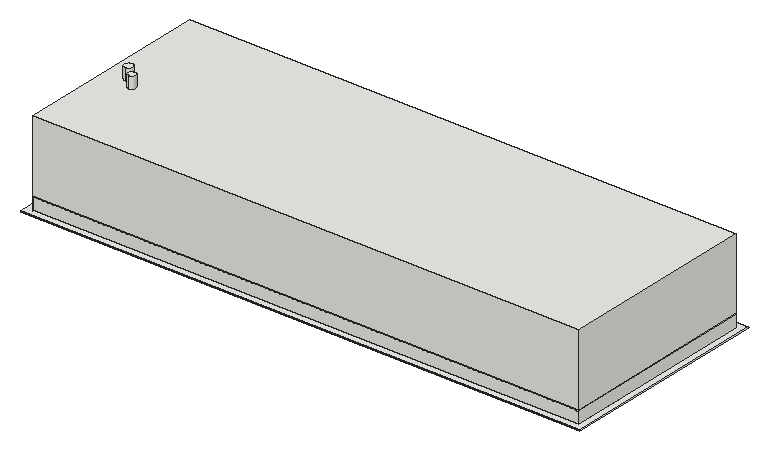
Revit family "AIRTECNICS_AIR CURTAIN_RECESSED WINDBOX_MG_DX-VRF_(TOSHIBA)_00", category Mechanical Equipment, Revit 2016
Family settings
  Part Type = Normal
  Round Connector Dimension = Use Diameter
  OmniClass Number = 23.75.70.21.17
  OmniClass Title = Air Curtains
  Work Plane-Based = No
  Always vertical = Yes
  Cut with Voids When Loaded = No
  Shared = No
  Room Calculation Point = No
Parameters (values of type "WINDBOX RECM 2000 DX16-TO")
  · PIPES POSITION · [instance] = "-/ Select Pipes Position /-"  # constant formula
  · OTHERS · [instance] = "-/ Select Supports - Inst.Maint. Space /-"  # constant formula
  · HEATING · = "-/ Heating /-"  # constant formula
  · EXTERNAL UNIT · [instance] = "-/ External Unit Type /-"  # constant formula
  · COIL ROWS · = "-/ DX Coil Rows /-"  # constant formula
  Weight [instance] = size_lookup(Name_Lookup_Data, "Weight", 1.00 kg, CM, CT, CH, CR, CDX)  # 122.00 kg
  Voltage [instance] = 230 V  # constant formula
  URL_Manufacturer = "https://www.airtecnics.com"
  URL_Datasheet = "https://www.airtecnics.com/download/file/5900/recessed-windbox-dx-toshiba-1-1-and-vrf.pdf"
  Triple Phase (External Ut.) [instance] = yes
  Supports Length [instance] = 500.0 mm
  Supports (Horizontal) [instance] = no
  Single Phase (External Ut.) [instance] = not([Triple Phase (External Ut.)])  # no
  Revit Version = "Revit 2016 - English"  # constant formula
  Review Date = "11/18"  # constant formula
  Remote Control = "-"  # constant formula
  Refrigerant Pipes_P4 [instance] = no
  Refrigerant Pipes_P3 [instance] = no
  Refrigerant Pipes_P2 [instance] = if(CW = 0, 1 = 1, 1 = 0)  # yes
  Refrigerant Pipes_P1 [instance] = no
  Product Size = if(CT = 2, "1000", if(CT = 4, "1500", if(CT = 8, "2000", if(CT = 16, "2500", if(CT = 32, "3000", "Consult Manufacturer")))))  # "2000"
  Product Reference [instance] = size_lookup(Name_Lookup_Ref, "", "Consult Manufacturer", CM, CT, CH, CR, CDX)  # "RECM 2000 DX16-TO"
  Product Heating [instance] = if(DX 1:1, "Direct Expansion 1:1 system", "Direct Expansion VRF system")  # "Direct Expansion 1:1 system"
  Product Description [instance] = size_lookup(Name_Lookup_Data, "", "Consult Manufacturer", CM, CT, CH, CR, CDX)  # "Energy saving heat pump air curtain: Up to 70% reduction in costs and CO2 emissions (heating mode).\r\nSelf-supporting casing construction made of galvanized steel plate, ready to be installed recessed in a false ceiling. \r\nInlet grille (free of maintenance) made with aluminium profiles and blow-out nozzle, integrated in a single white frame colour RAL 9016. Other colours are available on request.  Internal prefilter included.\r\nAnodized aluminium outlet vanes, airfoil shaped, adjustable in both directions.\r\nDouble-inlet centrifugal fans driven by an external rotor motor and low noise level. 5-speed selector. EC models assembled with very low consumption efficiency fans. \r\nIncludes only heating direct expansion coil with installed temperature sensors. Under request it can be modified to work in cooling and heating mode (not recomended) with optional condensate water pump.\r\nPlug&Play control panel CS-5DX-NE slave DX with 5 speeds selector and 7m telephone cable included.\r\nReady to connect to TOSHIBA Inverter outdoor heat pump unit (R410A) with expansion valve, not included, the customer should purchase it.\r\nRequires TOSHIBA DX Interface KIT adapted for air curtain RAV-DXC010 and RBC-AMT32-E programmable control, please consult.\r\nAir Volume: 3280 m3/h \r\nFans:  0,284 kW  2,48 A 230Vx1 50/60Hz\r\nHeating capacity: 16,00 kW\r\nDimensions: 770x310x2050 mm (depth, height, length)\r\nNOT SUPPLIED BY AIRTÈCNICS:\r\nRAV-DXC010 Interface DX kit and RBC-AMT32-E programmable control.\r\nExternal unit:\r\nOption 1: RAV-SM1603AT-E\r\nExternal unit with direct expansion valve Toshiba, single phase motor 230Vx1 50Hz.\r\nHeating capacity 16kW. Heating power: 4,43kW. COP 3,61.\r\nCooling capacity 14kW. Cooling power 4,49kW. EER 3,12.\r\nCooling circuits 5/8\" - 3/8\".\r\nMinimum length 5m.\r\nMaximum length 50m.\r\nDesnivell màxim 30m.\r\nOption 2: RAV-SP1604AT8-E\r\nExternal unit with direct expansion valve Toshiba, triple phase motor 400Vx3 50Hz.\r\nHeating capacity 16kW. Heating power: 4,3kW. COP 3,72.\r\nCooling capacity 14kW. Cooling power 4,49kW. EER 3,12.\r\nCooling circuits 5/8\" - 3/8\".\r\nMinimum length 3m.\r\nMaximum length 75m.\r\nDesnivell màxim 30m."
  Power Fans Factor [instance] = size_lookup(Name_Lookup_Data, "Power Fans Factor", 1, CM, CT, CH, CR, CDX)  # 0.5
  Power Fans [instance] = size_lookup(Name_Lookup_Data, "Power Fans", 1 kW, CM, CT, CH, CR, CDX)  # 0.284 kW
  Noise Level (dB(A)) [instance] = size_lookup(Name_Lookup_Data, "Noise Level (dB(A))", 1, CM, CT, CH, CR, CDX)  # 58
  Name_Lookup_Ref_EU = "R_WINDBOX_MG_(DX)_TO_Ref_EU_Lookup"  # constant formula
  Name_Lookup_Ref = "R_WINDBOX_MG_(DX)_TO_Ref_Lookup"  # constant formula
  Name_Lookup_Data3 = "R_WINDBOX_MG_(DX)_TO_ExpValve_Lookup"  # constant formula
  Name_Lookup_Data2 = "R_WINDBOX_MG_(DX)_TO_Mainfolds_Lookup"  # constant formula
  Name_Lookup_Data = "R_WINDBOX_MG_(DX)_TO_Data_Lookup"  # constant formula
  Material Inlet Grille [instance] = AIRTECNICS_White RAL 9016
  Material Curtain [instance] = AIRTECNICS_White RAL 9016
  Mainfolds [instance] = size_lookup(Name_Lookup_Data2, "", "Consult Manufacturer", CM, CT, CH, CR, CDX)  # "5/8 & 3/8"
  M = yes
  Length = if(CT = 2, 1050.0 mm, if(CT = 4, 1550.0 mm, if(CT = 8, 2050.0 mm, if(CT = 16, 2550.0 mm, L + 50.0 mm))))  # 2050.0 mm
  IfcExportType = "DXCOOLINGCOIL"  # constant formula
  IfcExportAs = "IfcCoilType"  # constant formula
  Height = 310.0 mm  # constant formula
  Heating Capacity [instance] = size_lookup(Name_Lookup_Data, "Heating Capacity", 1 kW, CM, CT, CH, CR, CDX)  # 16 kW
  Gas Coil Volume [instance] = size_lookup(Name_Lookup_Data, "Gas Coil Volume", 1.00 L, CM, CT, CH, CR, CDX)  # 3.10 L
  G = no
  Frequency = 50 Hz  # constant formula
  Fans Stage = 5  # constant formula
  Family Version = "1.0"  # constant formula
  External Ut. Reference [instance] = size_lookup(Name_Lookup_Ref_EU, "", "Consult Manufacturer", CM, CT, CH, CR, CEU, CDX)  # "RAV-SP1604AT8-E"
  Expansion Valve [instance] = size_lookup(Name_Lookup_Data3, "", "Consult Manufacturer", CM, CT, CH, CR, CDX)  # "Included on External Unit"
  EC = yes
  Dn_Metric_Refrig_Liquid [instance] = size_lookup(Name_Lookup_Data2, "Dn_Liquid", 1 mm, CM, CT, CH, CR, CDX)  # 10 mm
  Dn_Metric_Refrig_Gas [instance] = size_lookup(Name_Lookup_Data2, "Dn_Gas", 1 mm, CM, CT, CH, CR, CDX)  # 16 mm
  Depth = 770.0 mm  # constant formula
  DX VRF = not(DX 1:1)  # no
  DX Kit [instance] = if(DX VRF, "MM-DXC010", "RAV-DXC010")  # "RAV-DXC010"
  DX Controller [instance] = "RBC-AMT32-E"  # constant formula
  DX Coil Rows = 4 = no
  DX Coil Rows = 3 = not([DX Coil Rows = 4])  # yes
  DX Coil Rows [instance] = if(CR = 2, 4, if(CR = 4, 3, if(CR = 0, 2, 0)))  # 3
  DX 1:1 = yes
  Current Fans [instance] = size_lookup(Name_Lookup_Data, "Current Fans", 1 A, CM, CT, CH, CR, CDX)  # 2.48 A
  Created by = "BIMETRICAL"  # constant formula
  Control [instance] = "CS-5DX-NE"  # constant formula
  Capacity_Frig_Liquid [instance] = 0 m³/h
  Capacity_Frig_Gas [instance] = 0 m³/h
  Cable = "CB7"  # constant formula
  URL = "https://www.airtecnics.com/products/heat-pump-air-curtain-recessed-windbox-for-toshiba"
  Model = "Air Curtain Recessed Windbox M,G DX/VRF TO"  # constant formula
  L = 2000.0 mm
  Type Image = <None>
  Manufacturer = "AIRTECNICS"  # constant formula
  Description = ""
  Type Comments = "Energy saving heat pump air curtain: Up to 70% reduction in costs and CO2 emissions (heating mode).\r\nSelf-supporting casing construction made of galvanized steel plate, ready to be installed recessed in a false ceiling. \r\nInlet grille (free of maintenance) made with aluminium profiles and blow-out nozzle, integrated in a single white frame colour RAL 9016. Other colours are available on request.  Internal prefilter included.\r\nAnodized aluminium outlet vanes, airfoil shaped, adjustable in both directions.\r\nDouble-inlet centrifugal fans driven by an external rotor motor and low noise level. 5-speed selector. EC models assembled with very low consumption efficiency fans. \r\nIncludes only heating direct expansion coil with installed temperature sensors. Under request it can be modified to work in cooling and heating mode (not recomended) with optional condensate water pump.\r\nPlug&Play control panel CS-5DX-NE slave DX with 5 speeds selector and 7m telephone cable included.\r\nDX 1:1:\r\nReady to connect to TOSHIBA Inverter outdoor heat pump unit (R410A) with expansion valve, not included, the customer should purchase it.\r\nRequires TOSHIBA DX Interface KIT adapted for air curtain  and  programmable control, please consult.\r\nDX VRF:\r\nReady to connect to TOSHIBA VRF outdoor heat pump unit (R410A), not included, the customer should purchase it.\r\nRequires  TOSHIBA VRF Interface KIT adapted for air curtain,  programmable control and expansion valve, please consult."  # constant formula
  CW [instance] = if(Refrigerant Pipes_P1, 2, 0) + if(Refrigerant Pipes_P3, 4, 0) + if(Refrigerant Pipes_P4, 8, 0)  # 0
  CT = if(L = 1000.0 mm, 2, 0) + if(L = 1500.0 mm, 4, 0) + if(L = 2000.0 mm, 8, 0) + if(L = 2500.0 mm, 16, 0) + if(L = 3000.0 mm, 32, 0)  # 8
  CR [instance] = if([DX Coil Rows = 4], 2, 0) + if([DX Coil Rows = 3], 4, 0)  # 4
  CM = if(M, 2, 0) + if(EC, 4, 0) + if(G, 8, 0)  # 6
  CH [instance] = if(DX 1:1, 2, 0) + if(DX VRF, 4, 0)  # 2
  CEU [instance] = if([Single Phase (External Ut.)], 2, 0) + if([Triple Phase (External Ut.)], 4, 0)  # 4
  CDX = 0
  BIMETRICAL Category = "Coil"  # constant formula
  BIMETRICAL = "http://www.bimetrical.com/"  # constant formula
  Aspiration/Maintenance Space [instance] = no
  Apparent Load [instance] = size_lookup(Name_Lookup_Data, "Apparent Load", 1 VA, CM, CT, CH, CR, CDX)  # 568 VA
  Airflow [instance] = size_lookup(Name_Lookup_Data, "Airflow", 1 m³/h, CM, CT, CH, CR, CDX)  # 3280 m³/h
Reference planes
  plane 1 "Centro (Frontal/Posterior)": z = 0
  plane 2: y = 246.57
  plane 3 "Centro (Izquierda/Derecha)": x = 0
Nested families
  nested 1: "GEOM_WINDBOX_P_RECESSED_DX" at (0, 130, 48), L <- "L", ViHS <- "Supports (Horizontal)", Support Length <- "Supports Length", Aspiration/Maintenance Space <- "Aspiration/Maintenance Space", CW <- "CW", Material Curtain <- "Material Curtain", Material Inlet Grille <- "Material Inlet Grille", type "Air curtain Recessed Windbox DX"
    with ViHSC no, ViHS no, Vi2 no, Vi1 yes, TI 9, Support Length 500.0 mm, Position Water pipes OUT connection "--------------------------------", Position Water pipes IN connection "--------------------------------", Material Inlet Grille AIRTECNICS_White RAL 9016, Material Curtain AIRTECNICS_White RAL 9016, LiS 760.0 mm, Li9 114.0 mm, Li8 0.0 mm, Li7 52.0 mm, Li6 720.0 mm, Li16 10.0 mm, Li15 10.0 mm, Li14 260.0 mm, Li13 76.0 mm, Li12 0.0 mm, Li11 85.0 mm, Li10 260.0 mm, L 2000.0 mm, D_Liquid 27.0 mm, D_Gas 31.0 mm, CW 0, Aspiration/Maintenance Space no, AnWCO 90.00°, AnWCI 90.00°
Connectors
  electrical at (859, 510.57, 308), driven by "Voltage", driven by "Apparent Load", driven by "Power Fans Factor", driven by "Apparent Load"
    settings: on nested 1, index 1, voltage 230 V, apparent load 568 VA, apparent load phase1 568 VA, apparent load phase2 0 VA, apparent load phase3 0 VA, power factor 0.5, load classification "HVAC", number of poles 1, system type 30, power factor state 1, is connector primary yes, connector utility no, sub classification motor no, connector description ""
  piping at (-924, 231.57, 348), diameter 16, driven by "Dn_Metric_Refrig_Gas", driven by "Capacity_Frig_Gas"
    settings: on nested 1, index 2, connector inside diameter 609.6 mm, connector length 0.0 mm, flow factor 0, pipe flow 0 m³/h, pressure drop 0.0 Pa, fitting loss kfactor 0, connector angle 0.00°, fixture units 0, engagement length 0.0 mm, angle of deflection 0.00°, flow configuration 1, flow direction 1, fitting loss method 0, system type 7, joint type 0, gender type 0, connector reference index -1, connector utility 0, adjustable connector no, is connector primary yes, connector description "(gas) refrigerant connection"
  piping at (-886, 198.57, 348), diameter 10, driven by "Dn_Metric_Refrig_Liquid", driven by "Capacity_Frig_Liquid"
    settings: on nested 1, index 3, connector inside diameter 609.6 mm, connector length 0.0 mm, flow factor 0, pipe flow 0 m³/h, pressure drop 0.0 Pa, fitting loss kfactor 0, connector angle 0.00°, fixture units 0, engagement length 0.0 mm, angle of deflection 0.00°, flow configuration 1, flow direction 2, fitting loss method 0, system type 8, joint type 0, gender type 0, connector reference index -1, connector utility 0, adjustable connector no, is connector primary no, connector description "(liquid) refrigerant connection"
Definition of nested family "GEOM_WINDBOX_P_RECESSED_DX"
  Parameters (values of type "Air curtain Recessed Windbox DX")
    ViHSC [instance] = if(and(ViHS, L > 1000.0 mm), 1 = 1, 1 = 0)  # no
    Vi2 [instance] = if(L = 2500.0 mm, 1 = 1, 1 = 0)  # yes
    Vi1 [instance] = not(Vi2)  # no
    TI [instance] = if(L = 1000.0 mm, 5, if(L = 1500.0 mm, 7, if(L = 2000.0 mm, 9, if(L = 2500.0 mm, 11, L / 200.0 mm))))  # 11
    Name_Lookup_WaterCoils = "R_WINDBOX_MG_DX_(P)_WaterCoil_Lookup"  # constant formula
    Material Outlet Grille = none
    Material II = none
    Material I = none
    Material Inlet Grille [instance] = none
    Li16 [instance] = if(CW = 2, 100.0 mm, 10.0 mm)  # 10.0 mm
    Li15 [instance] = if(CW = 8, 100.0 mm, 10.0 mm)  # 10.0 mm
    Li14 [instance] = size_lookup(Name_Lookup_WaterCoils, "Li14", 260.0 mm, CW)  # 260.0 mm
    Li13 [instance] = if(CW = 4, L - 114.0 mm, if(CW = 2, 1.0 mm, if(CW = 8, L - 1.0 mm, 76.0 mm)))  # 76.0 mm
    Li12 [instance] = size_lookup(Name_Lookup_WaterCoils, "Li12", 0.0 mm, CW)  # 0.0 mm
    Li11 [instance] = size_lookup(Name_Lookup_WaterCoils, "Li11", 85.0 mm, CW)  # 85.0 mm
    D_Liquid [instance] = 27.0 mm  # constant formula
    D_Gas [instance] = 31.0 mm  # constant formula
    CW [instance] = 0
    AnWCO [instance] = size_lookup(Name_Lookup_WaterCoils, "AnWCO", 90.00°, CW)  # 90.00°
    Position Water pipes IN connection [instance] = "--------------------------------"  # constant formula
    Position Water pipes OUT connection [instance] = "--------------------------------"  # constant formula
    ViHS [instance] = no
    Support Length [instance] = 500.0 mm
    AnWCI [instance] = size_lookup(Name_Lookup_WaterCoils, "AnWCI", 90.00°, CW)  # 90.00°
    LiS [instance] = Support Length + 260.0 mm  # 760.0 mm
    Revit Version = "Revit 2016 - English"  # constant formula
    Review Date = "11/18"  # constant formula
    Material Curtain [instance] = none
    Li9 [instance] = if(CW = 4, L - 76.0 mm, if(CW = 2, 1.0 mm, if(CW = 8, L - 1.0 mm, 114.0 mm)))  # 114.0 mm
    Li7 [instance] = size_lookup(Name_Lookup_WaterCoils, "Li7", 52.0 mm, CW)  # 52.0 mm
    Li6 [instance] = Depth  # 720.0 mm
    Li8 [instance] = size_lookup(Name_Lookup_WaterCoils, "Li8", 0.0 mm, CW)  # 0.0 mm
    Li10 [instance] = size_lookup(Name_Lookup_WaterCoils, "Li10", 260.0 mm, CW)  # 260.0 mm
    Family Version = "1.0"  # constant formula
    Depth = 720.0 mm  # constant formula
    Default Elevation = 1219.2 mm
    Created by = "BIMETRICAL"  # constant formula
    URL = "https://www.airtecnics.com/products/heat-pump-and-energy-saving-air-curtains"
    Model = "Air curtain Recessed Windbox DX"  # constant formula
    L [instance] = 2500.0 mm
    Type Image = (empty or 0)
    Manufacturer = "AIRTECNICS"  # constant formula
    Description = "AIRTECNICS_Air curtain Recessed Windbox DX"  # constant formula
    Type Comments = ""
    BIMETRICAL Category = "Fan"  # constant formula
    BIMETRICAL = "http://www.bimetrical.com/"  # constant formula
    Aspiration/Maintenance Space [instance] = no
  Reference planes
    plane 1 "Centro (Frontal/Posterior)": z = 0
    plane 2: y = 246.57
    plane 3 "Centro (Izquierda/Derecha)": x = 0
    plane 4: z = 260
    plane 5: y = 476.57
    plane 6: y = 16.57
    plane 7: x = -1250
    plane 8: x = 1250
    plane 9: x = -1210
    plane 10: x = 1210
    plane 11: y = 442.57
    plane 12: y = 145.57
    plane 13: y = -223.43
    plane 14: x = -1136
    plane 15 "P1-01": y = 68.57
    plane 16 "P1-02": z = 0
    plane 17 "P2-01": x = -1174
    plane 18 "P2-02": z = 0
    plane 19 "P2-03": y = 101.57
    plane 20: y = -243.43
    plane 21: y = 501.57
    plane 22: x = 1275
    plane 23: y = -268.43
    plane 24: z = -48
    plane 25: z = -50
    plane 26: x = 1248
    plane 27: x = -1248
    plane 28: x = -418.5
    plane 29: x = 418.5
    plane 30: x = -1203.5
    plane 31: x = 1203.5
    plane 32: x = -962.8
    plane 33: x = -722.1
    plane 34: x = -481.4
    plane 35: z = -250
    plane 36: y = -241.454
    plane 37: y = -9.53
    plane 38: x = 1335
    plane 39: x = -1425
    plane 40: x = -240.7
    plane 41: x = 0
    plane 42: x = 240.7
    plane 43: x = 481.4
    plane 44: x = 722.1
    plane 45: x = 962.8
  Forms (mm)
    Extrusion 1, solid, material <- "Material Inlet Grille"
      sketch origin (0, 0, -50) x (1, 0, 0) y (0, 1, 0)
        loop
          line (-1250, 476.57) -> (-1250, -243.43) -> (1250, -243.43) -> (1250, 476.57) -> (-1250, 476.57)
      from 0 to 50
    Extrusion 2, void, detail levels medium+fine
      sketch origin (0, 0, -50) x (1, 0, 0) y (0, 1, 0)
        loop
          line (-1249, 474.57) -> (-1249, 387.47) -> (1249, 387.47) -> (1249, 474.57) -> (-1249, 474.57)
      from 0 to 46
    Extrusion 3, solid, material <- "Material Curtain", not visible
      sketch origin (559.734, 0, 0) x (1, 0, 0) y (0, 1, 0)
        loop
          line (613.266, 405.57) -> (485.266, 405.57) -> (485.266, 355.57) -> (613.266, 355.57) -> (613.266, 405.57)
      from 260 to 259
    Extrusion 4, solid, visible <- "ViHS"
      sketch origin (0, 0, 0) x (1, 0, 0) y (0, 1, 0)
        loop
          circle (-1210, 442.57) r 3.375
      from 260 to 760 <- "LiS"
    Extrusion 5, solid, visible <- "ViHSC"
      sketch origin (1185, 0, 0) x (1, 0, 0) y (0, 1, 0)
        loop
          circle (-1185, 442.57) r 3.375
      from 260 to 760 <- "LiS"
    Extrusion 6, solid, visible <- "ViHS"
      sketch origin (2385, 0, 0) x (1, 0, 0) y (0, 1, 0)
        loop
          circle (-1175, 442.57) r 3.375
      from 260 to 760 <- "LiS"
    Extrusion 7, solid, visible <- "ViHSC"
      sketch origin (1185, -240, 0) x (1, 0, 0) y (0, 1, 0)
        loop
          circle (-1185, 385.57) r 3.375
      from 260 to 760 <- "LiS"
    Extrusion 8, solid, visible <- "ViHS"
      sketch origin (2344.293, -280.483, 0) x (1, 0, 0) y (0, 1, 0)
        loop
          circle (-1134.293, 426.053) r 3.375
      from 260 to 760 <- "LiS"
    Extrusion 9, solid, visible <- "ViHS"
      sketch origin (9.293, -280.483, 0) x (1, 0, 0) y (0, 1, 0)
        loop
          circle (-1219.293, 426.053) r 3.375
      from 260 to 760 <- "LiS"
    Extrusion 10, solid, visible <- "Aspiration/Maintenance Space"
      sketch origin (0, 0, -50) x (1, 0, 0) y (0, 1, 0)
        loop
          line (-1250, 476.57) -> (-1250, -243.43) -> (1250, -243.43) -> (1250, 476.57) -> (-1250, 476.57)
      from 310 to 410
    Extrusion 11, solid, visible <- "Aspiration/Maintenance Space"
      sketch origin (230, 246.57, 5) x (1, 0, 0) y (0, 0, 1)
        loop
          line (1020, 255) -> (1020, -53) -> (1030, -53) -> (1030, 255) -> (1020, 255)
      from -230 to 490
    Extrusion 12, solid, visible <- "Aspiration/Maintenance Space"
      sketch origin (-2520, 246.57, 5) x (1, 0, 0) y (0, 0, 1)
        loop
          line (1260, 255) -> (1260, -53) -> (1270, -53) -> (1270, 255) -> (1260, 255)
      from -230 to 490
    Extrusion 13, solid, visible <- "ViHSC"
      sketch origin (1185, -609, 0) x (1, 0, 0) y (0, 1, 0)
        loop
          circle (-1185, 385.57) r 3.375
      from 260 to 760 <- "LiS"
    Extrusion 14, solid, visible <- "ViHS"
      sketch origin (2344.293, -649.483, 0) x (1, 0, 0) y (0, 1, 0)
        loop
          circle (-1134.293, 426.053) r 3.375
      from 260 to 760 <- "LiS"
    Extrusion 15, solid, visible <- "ViHS"
      sketch origin (9.293, -649.483, 0) x (1, 0, 0) y (0, 1, 0)
        loop
          circle (-1219.293, 426.053) r 3.375
      from 260 to 760 <- "LiS"
    Extrusion 16, solid, material <- "Material Curtain"
      sketch origin (-1174, 101.57, 260) x (0, -1, 0) y (1, 0, 0)
        loop
          circle (0, 0) r 15.5
      from 0 to 40
    Extrusion 17, solid, material <- "Material Curtain"
      sketch origin (-1136, 68.57, 260) x (0, -1, 0) y (1, 0, 0)
        loop
          circle (0, 0) r 13.5
      from 0 to 40
    Extrusion 18, solid, material <- "Material Inlet Grille"
      sketch origin (-54.078, -166.435, -50) x (1, 0, 0) y (0, 1, 0)
        loop
          line (-1220.922, -101.996) -> (1329.078, -101.996) -> (1329.078, 668.004) -> (-1220.922, 668.004) -> (-1220.922, -101.996)
        loop
          line (-1195.922, -76.996) -> (1304.078, -76.996) -> (1304.078, 643.004) -> (-1195.922, 643.004) -> (-1195.922, -76.996)
      from 0 to 2
    Sweep 19, void
      path origin (0, 0, -50) x (1, 0, 0) y (0, 1, 0)
        loop
          line (-1250, 476.57) -> (-1250, -243.43) -> (1250, -243.43) -> (1250, 476.57) -> (-1250, 476.57)
      profile origin (0, 476.57, -50) x (0, 1, 0) y (0, 0, 1)
        loop
          line (0, 46) -> (0, 50) -> (-4, 50)
          arc (-4, 50) -> (-1.172, 48.828) -> (0, 46) r 4
    Extrusion 20, solid, material <- "Material Outlet Grille"
      sketch origin (0, 0, 0) x (0, 1, 0) y (0, 0, 1)
        loop
          line (452.413, -27.506) -> (455.591, -46.036)
          arc (455.591, -46.036) -> (457.07, -47.282) -> (458.548, -46.036) r 1.5
          line (458.548, -46.036) -> (461.726, -27.506)
          arc (461.726, -27.506) -> (457.07, -21.982) -> (452.413, -27.506) r 4.725
        loop
          arc (429.342, -46.036) -> (430.82, -47.282) -> (432.299, -46.036) r 1.5
          line (432.299, -46.036) -> (435.477, -27.506)
          arc (435.477, -27.506) -> (430.82, -21.982) -> (426.163, -27.506) r 4.725
          line (426.163, -27.506) -> (429.342, -46.036)
        loop
          arc (409.976, -27.506) -> (405.319, -21.982) -> (400.662, -27.506) r 4.725
          line (400.662, -27.506) -> (403.84, -46.036)
          arc (403.84, -46.036) -> (405.319, -47.282) -> (406.797, -46.036) r 1.5
          line (406.797, -46.036) -> (409.976, -27.506)
      from -1248 to 1248
    Extrusion 21, void, detail levels medium+fine
      sketch origin (0, -484.3, -50) x (1, 0, 0) y (0, 1, 0)
        loop
          line (-1249, 474.77) -> (-1249, 242.846) -> (1249, 242.846) -> (1249, 474.77) -> (-1249, 474.77)
      from 0 to 46
    Extrusion 22, solid, material <- "Material Curtain"
      sketch origin (0, 0, -50) x (1, 0, 0) y (0, 1, 0)
        loop
          line (-1250, 476.57) -> (-1250, -243.43) -> (1250, -243.43) -> (1250, 476.57) -> (-1250, 476.57)
      from 50 to 310
    Extrusion 23, solid, material <- "Material II", visible <- "Vi1"
      sketch origin (0, 0, 0) x (0, 1, 0) y (0, 0, 1)
        loop
          line (474.57, -4) -> (400.57, -4) -> (400.57, -47.504) -> (474.57, -47.504) -> (474.57, -4)
      from -7.5 to 7.5
    Extrusion 24, solid, material <- "Material I"
      sketch origin (1191.816, 0, 0) x (0, 1, 0) y (0, 0, 1)
        loop
          arc (402.126, -44.927) -> (403.13, -46.77) -> (405.096, -47.504) r 3
          line (405.096, -47.504) -> (431.043, -47.504)
          arc (431.043, -47.504) -> (433.022, -46.759) -> (434.017, -44.893) r 3
          line (434.017, -44.893) -> (437.046, -21.725)
          arc (437.046, -21.725) -> (436.086, -18.568) -> (433.08, -17.207) r 4
          line (433.08, -17.207) -> (403.059, -17.207)
          arc (403.059, -17.207) -> (400.04, -18.583) -> (399.098, -21.764) r 4
          line (399.098, -21.764) -> (402.126, -44.927)
      from 53.181 to 56.184
    Extrusion 25, solid, material <- "Material I", visible <- "Vi1"
      sketch origin (-45.681, 0, 0) x (0, 1, 0) y (0, 0, 1)
        loop
          arc (402.126, -44.927) -> (403.13, -46.77) -> (405.096, -47.504) r 3
          line (405.096, -47.504) -> (431.043, -47.504)
          arc (431.043, -47.504) -> (433.022, -46.759) -> (434.017, -44.893) r 3
          line (434.017, -44.893) -> (437.046, -21.725)
          arc (437.046, -21.725) -> (436.086, -18.568) -> (433.08, -17.207) r 4
          line (433.08, -17.207) -> (403.059, -17.207)
          arc (403.059, -17.207) -> (400.04, -18.583) -> (399.098, -21.764) r 4
          line (399.098, -21.764) -> (402.126, -44.927)
      from 53.181 to 56.184
    Extrusion 26, solid, material <- "Material I", visible <- "Vi1"
      sketch origin (-63.684, 0, 0) x (0, 1, 0) y (0, 0, 1)
        loop
          arc (402.126, -44.927) -> (403.13, -46.77) -> (405.096, -47.504) r 3
          line (405.096, -47.504) -> (431.043, -47.504)
          arc (431.043, -47.504) -> (433.022, -46.759) -> (434.017, -44.893) r 3
          line (434.017, -44.893) -> (437.046, -21.725)
          arc (437.046, -21.725) -> (436.086, -18.568) -> (433.08, -17.207) r 4
          line (433.08, -17.207) -> (403.059, -17.207)
          arc (403.059, -17.207) -> (400.04, -18.583) -> (399.098, -21.764) r 4
          line (399.098, -21.764) -> (402.126, -44.927)
      from 53.181 to 56.184
    Extrusion 27, solid, material <- "Material II", visible <- "Vi2", not visible
      sketch origin (0, 0, 0) x (0, 1, 0) y (0, 0, 1)
        loop
          line (474.57, -4) -> (400.57, -4) -> (400.57, -47.504) -> (474.57, -47.504) -> (474.57, -4)
      from -7.5 to 7.5
    Extrusion 28, solid, material <- "Material I", visible <- "Vi2", not visible
      sketch origin (-45.681, 0, 0) x (0, 1, 0) y (0, 0, 1)
        loop
          arc (402.126, -44.927) -> (403.13, -46.77) -> (405.096, -47.504) r 3
          line (405.096, -47.504) -> (431.043, -47.504)
          arc (431.043, -47.504) -> (433.022, -46.759) -> (434.017, -44.893) r 3
          line (434.017, -44.893) -> (437.046, -21.725)
          arc (437.046, -21.725) -> (436.086, -18.568) -> (433.08, -17.207) r 4
          line (433.08, -17.207) -> (403.059, -17.207)
          arc (403.059, -17.207) -> (400.04, -18.583) -> (399.098, -21.764) r 4
          line (399.098, -21.764) -> (402.126, -44.927)
      from 53.181 to 56.184
    Extrusion 29, solid, material <- "Material I", visible <- "Vi2", not visible
      sketch origin (-63.684, 0, 0) x (0, 1, 0) y (0, 0, 1)
        loop
          arc (402.126, -44.927) -> (403.13, -46.77) -> (405.096, -47.504) r 3
          line (405.096, -47.504) -> (431.043, -47.504)
          arc (431.043, -47.504) -> (433.022, -46.759) -> (434.017, -44.893) r 3
          line (434.017, -44.893) -> (437.046, -21.725)
          arc (437.046, -21.725) -> (436.086, -18.568) -> (433.08, -17.207) r 4
          line (433.08, -17.207) -> (403.059, -17.207)
          arc (403.059, -17.207) -> (400.04, -18.583) -> (399.098, -21.764) r 4
          line (399.098, -21.764) -> (402.126, -44.927)
      from 53.181 to 56.184
    Extrusion 30, solid, material <- "Material II", visible <- "Vi2"
      sketch origin (418.5, 0, 0) x (0, 1, 0) y (0, 0, 1)
        loop
          line (474.57, -4) -> (400.57, -4) -> (400.57, -47.504) -> (474.57, -47.504) -> (474.57, -4)
      from -7.5 to 7.5
    Extrusion 31, solid, material <- "Material I", visible <- "Vi2"
      sketch origin (372.819, 0, 0) x (0, 1, 0) y (0, 0, 1)
        loop
          arc (402.126, -44.927) -> (403.13, -46.77) -> (405.096, -47.504) r 3
          line (405.096, -47.504) -> (431.043, -47.504)
          arc (431.043, -47.504) -> (433.022, -46.759) -> (434.017, -44.893) r 3
          line (434.017, -44.893) -> (437.046, -21.725)
          arc (437.046, -21.725) -> (436.086, -18.568) -> (433.08, -17.207) r 4
          line (433.08, -17.207) -> (403.059, -17.207)
          arc (403.059, -17.207) -> (400.04, -18.583) -> (399.098, -21.764) r 4
          line (399.098, -21.764) -> (402.126, -44.927)
      from 53.181 to 56.184
    Extrusion 32, solid, material <- "Material I", visible <- "Vi2"
      sketch origin (354.816, 0, 0) x (0, 1, 0) y (0, 0, 1)
        loop
          arc (402.126, -44.927) -> (403.13, -46.77) -> (405.096, -47.504) r 3
          line (405.096, -47.504) -> (431.043, -47.504)
          arc (431.043, -47.504) -> (433.022, -46.759) -> (434.017, -44.893) r 3
          line (434.017, -44.893) -> (437.046, -21.725)
          arc (437.046, -21.725) -> (436.086, -18.568) -> (433.08, -17.207) r 4
          line (433.08, -17.207) -> (403.059, -17.207)
          arc (403.059, -17.207) -> (400.04, -18.583) -> (399.098, -21.764) r 4
          line (399.098, -21.764) -> (402.126, -44.927)
      from 53.181 to 56.184
    Extrusion 33, solid, visible <- "Vi1", not visible
      sketch origin (1185, 0, 0) x (1, 0, 0) y (0, 1, 0)
        loop
          circle (-1185, 442.57) r 3.375
      from 260 to 760 <- "LiS"
    Extrusion 34, solid, material <- "Material II", visible <- "Vi1", not visible
      sketch origin (0, 0, 0) x (0, 1, 0) y (0, 0, 1)
        loop
          line (474.57, -4) -> (400.57, -4) -> (400.57, -47.504) -> (474.57, -47.504) -> (474.57, -4)
      from -7.5 to 7.5
    Extrusion 35, solid, material <- "Material I", visible <- "Vi1", not visible
      sketch origin (-45.681, 0, 0) x (0, 1, 0) y (0, 0, 1)
        loop
          arc (402.126, -44.927) -> (403.13, -46.77) -> (405.096, -47.504) r 3
          line (405.096, -47.504) -> (431.043, -47.504)
          arc (431.043, -47.504) -> (433.022, -46.759) -> (434.017, -44.893) r 3
          line (434.017, -44.893) -> (437.046, -21.725)
          arc (437.046, -21.725) -> (436.086, -18.568) -> (433.08, -17.207) r 4
          line (433.08, -17.207) -> (403.059, -17.207)
          arc (403.059, -17.207) -> (400.04, -18.583) -> (399.098, -21.764) r 4
          line (399.098, -21.764) -> (402.126, -44.927)
      from 53.181 to 56.184
    Extrusion 36, solid, material <- "Material I", visible <- "Vi1", not visible
      sketch origin (-63.684, 0, 0) x (0, 1, 0) y (0, 0, 1)
        loop
          arc (402.126, -44.927) -> (403.13, -46.77) -> (405.096, -47.504) r 3
          line (405.096, -47.504) -> (431.043, -47.504)
          arc (431.043, -47.504) -> (433.022, -46.759) -> (434.017, -44.893) r 3
          line (434.017, -44.893) -> (437.046, -21.725)
          arc (437.046, -21.725) -> (436.086, -18.568) -> (433.08, -17.207) r 4
          line (433.08, -17.207) -> (403.059, -17.207)
          arc (403.059, -17.207) -> (400.04, -18.583) -> (399.098, -21.764) r 4
          line (399.098, -21.764) -> (402.126, -44.927)
      from 53.181 to 56.184
    Extrusion 37, solid, material <- "Material II", visible <- "Vi2"
      sketch origin (-418.5, 0, 0) x (0, 1, 0) y (0, 0, 1)
        loop
          line (474.57, -4) -> (400.57, -4) -> (400.57, -47.504) -> (474.57, -47.504) -> (474.57, -4)
      from -7.5 to 7.5
    Extrusion 38, solid, material <- "Material I", visible <- "Vi2"
      sketch origin (-464.181, 0, 0) x (0, 1, 0) y (0, 0, 1)
        loop
          arc (402.126, -44.927) -> (403.13, -46.77) -> (405.096, -47.504) r 3
          line (405.096, -47.504) -> (431.043, -47.504)
          arc (431.043, -47.504) -> (433.022, -46.759) -> (434.017, -44.893) r 3
          line (434.017, -44.893) -> (437.046, -21.725)
          arc (437.046, -21.725) -> (436.086, -18.568) -> (433.08, -17.207) r 4
          line (433.08, -17.207) -> (403.059, -17.207)
          arc (403.059, -17.207) -> (400.04, -18.583) -> (399.098, -21.764) r 4
          line (399.098, -21.764) -> (402.126, -44.927)
      from 53.181 to 56.184
    Extrusion 39, solid, material <- "Material I", visible <- "Vi2"
      sketch origin (-482.184, 0, 0) x (0, 1, 0) y (0, 0, 1)
        loop
          arc (402.126, -44.927) -> (403.13, -46.77) -> (405.096, -47.504) r 3
          line (405.096, -47.504) -> (431.043, -47.504)
          arc (431.043, -47.504) -> (433.022, -46.759) -> (434.017, -44.893) r 3
          line (434.017, -44.893) -> (437.046, -21.725)
          arc (437.046, -21.725) -> (436.086, -18.568) -> (433.08, -17.207) r 4
          line (433.08, -17.207) -> (403.059, -17.207)
          arc (403.059, -17.207) -> (400.04, -18.583) -> (399.098, -21.764) r 4
          line (399.098, -21.764) -> (402.126, -44.927)
      from 53.181 to 56.184
    Extrusion 40, solid, material <- "Material Outlet Grille"
      sketch origin (0, -232.43, -85.237) x (1, 0, 0) y (0, 0, 1)
        loop
          circle (-1203.5, 56.137) r 4
      from -222.9 to 5
    Extrusion 41, solid, material <- "Material Outlet Grille"
      sketch origin (2407, -232.43, -85.237) x (1, 0, 0) y (0, 0, 1)
        loop
          circle (-1203.5, 56.137) r 4
      from -222.9 to 5
    Extrusion 42, solid, material <- "Material Outlet Grille"
      sketch origin (240.7, -232.43, -85.237) x (1, 0, 0) y (0, 0, 1)
        loop
          circle (-1203.5, 56.137) r 4
      from -222.9 to 5
    Extrusion 43, solid, material <- "Material Outlet Grille"
      sketch origin (481.4, -232.43, -85.237) x (1, 0, 0) y (0, 0, 1)
        loop
          circle (-1203.5, 56.137) r 4
      from -222.9 to 5
    Extrusion 44, solid, material <- "Material Outlet Grille"
      sketch origin (722.1, -232.43, -85.237) x (1, 0, 0) y (0, 0, 1)
        loop
          circle (-1203.5, 56.137) r 4
      from -222.9 to 5
    Extrusion 45, solid, material <- "Material I"
      sketch origin (-1301.181, 0, 0) x (0, 1, 0) y (0, 0, 1)
        loop
          arc (402.126, -44.927) -> (403.13, -46.77) -> (405.096, -47.504) r 3
          line (405.096, -47.504) -> (431.043, -47.504)
          arc (431.043, -47.504) -> (433.022, -46.759) -> (434.017, -44.893) r 3
          line (434.017, -44.893) -> (437.046, -21.725)
          arc (437.046, -21.725) -> (436.086, -18.568) -> (433.08, -17.207) r 4
          line (433.08, -17.207) -> (403.059, -17.207)
          arc (403.059, -17.207) -> (400.04, -18.583) -> (399.098, -21.764) r 4
          line (399.098, -21.764) -> (402.126, -44.927)
      from 53.181 to 56.184
    Extrusion 46, solid, material <- "Material Inlet Grille"
      sketch origin (0, -150, 0) x (0, 1, 0) y (0, 0, 1)
        loop
          line (136.77, -33.656) -> (122.009, -45.189)
          arc (122.009, -45.189) -> (118.063, -47.263) -> (113.64, -47.821) r 12.5
          line (113.64, -47.821) -> (113.57, -49.119)
          arc (113.57, -49.119) -> (118.453, -48.503) -> (122.809, -46.213) r 13.8
          line (122.809, -46.213) -> (137.57, -34.681)
          arc (137.57, -34.681) -> (138.306, -33.772) -> (138.57, -32.632) r 2.6
          line (138.57, -32.632) -> (138.57, -23.9) -> (137.27, -23.9) -> (137.27, -32.632)
          arc (137.27, -32.632) -> (137.138, -33.202) -> (136.77, -33.656) r 1.3
        loop
          line (111.77, -33.656) -> (97.009, -45.189)
          arc (97.009, -45.189) -> (93.063, -47.263) -> (88.64, -47.821) r 12.5
          line (88.64, -47.821) -> (88.57, -49.119)
          arc (88.57, -49.119) -> (93.453, -48.503) -> (97.809, -46.213) r 13.8
          line (97.809, -46.213) -> (112.57, -34.681)
          arc (112.57, -34.681) -> (113.306, -33.772) -> (113.57, -32.632) r 2.6
          line (113.57, -32.632) -> (113.57, -23.9) -> (112.27, -23.9) -> (112.27, -32.632)
          arc (112.27, -32.632) -> (112.138, -33.202) -> (111.77, -33.656) r 1.3
        loop
          line (89.52, -33.656) -> (74.759, -45.189)
          arc (74.759, -45.189) -> (70.813, -47.263) -> (66.39, -47.821) r 12.5
          line (66.39, -47.821) -> (66.32, -49.119)
          arc (66.32, -49.119) -> (71.203, -48.503) -> (75.559, -46.213) r 13.8
          line (75.559, -46.213) -> (90.32, -34.681)
          arc (90.32, -34.681) -> (91.056, -33.772) -> (91.32, -32.632) r 2.6
          line (91.32, -32.632) -> (91.32, -23.9) -> (90.02, -23.9) -> (90.02, -32.632)
          arc (90.02, -32.632) -> (89.888, -33.202) -> (89.52, -33.656) r 1.3
        loop
          line (67.27, -33.656) -> (52.509, -45.189)
          arc (52.509, -45.189) -> (48.563, -47.263) -> (44.14, -47.821) r 12.5
          line (44.14, -47.821) -> (44.07, -49.119)
          arc (44.07, -49.119) -> (48.953, -48.503) -> (53.309, -46.213) r 13.8
          line (53.309, -46.213) -> (68.07, -34.681)
          arc (68.07, -34.681) -> (68.806, -33.772) -> (69.07, -32.632) r 2.6
          line (69.07, -32.632) -> (69.07, -23.9) -> (67.77, -23.9) -> (67.77, -32.632)
          arc (67.77, -32.632) -> (67.638, -33.202) -> (67.27, -33.656) r 1.3
        loop
          line (45.02, -33.656) -> (30.259, -45.189)
          arc (30.259, -45.189) -> (26.313, -47.263) -> (21.89, -47.821) r 12.5
          line (21.89, -47.821) -> (21.82, -49.119)
          arc (21.82, -49.119) -> (26.703, -48.503) -> (31.059, -46.213) r 13.8
          line (31.059, -46.213) -> (45.82, -34.681)
          arc (45.82, -34.681) -> (46.556, -33.772) -> (46.82, -32.632) r 2.6
          line (46.82, -32.632) -> (46.82, -23.9) -> (45.52, -23.9) -> (45.52, -32.632)
          arc (45.52, -32.632) -> (45.388, -33.202) -> (45.02, -33.656) r 1.3
        loop
          line (22.77, -33.656) -> (8.009, -45.189)
          arc (8.009, -45.189) -> (4.063, -47.263) -> (-0.36, -47.821) r 12.5
          line (-0.36, -47.821) -> (-0.43, -49.119)
          arc (-0.43, -49.119) -> (4.453, -48.503) -> (8.809, -46.213) r 13.8
          line (8.809, -46.213) -> (23.57, -34.681)
          arc (23.57, -34.681) -> (24.306, -33.772) -> (24.57, -32.632) r 2.6
          line (24.57, -32.632) -> (24.57, -23.9) -> (23.27, -23.9) -> (23.27, -32.632)
          arc (23.27, -32.632) -> (23.138, -33.202) -> (22.77, -33.656) r 1.3
        loop
          line (2.32, -32.632) -> (2.32, -23.9) -> (1.02, -23.9) -> (1.02, -32.632)
          arc (1.02, -32.632) -> (0.888, -33.202) -> (0.52, -33.656) r 1.3
          line (0.52, -33.656) -> (-14.241, -45.189)
          arc (-14.241, -45.189) -> (-18.187, -47.263) -> (-22.61, -47.821) r 12.5
          line (-22.61, -47.821) -> (-22.68, -49.119)
          arc (-22.68, -49.119) -> (-17.797, -48.503) -> (-13.441, -46.213) r 13.8
          line (-13.441, -46.213) -> (1.32, -34.681)
          arc (1.32, -34.681) -> (2.056, -33.772) -> (2.32, -32.632) r 2.6
        loop
          line (-21.73, -33.656) -> (-36.491, -45.189)
          arc (-36.491, -45.189) -> (-40.437, -47.263) -> (-44.86, -47.821) r 12.5
          line (-44.86, -47.821) -> (-44.93, -49.119)
          arc (-44.93, -49.119) -> (-40.047, -48.503) -> (-35.691, -46.213) r 13.8
          line (-35.691, -46.213) -> (-20.93, -34.681)
          arc (-20.93, -34.681) -> (-20.194, -33.772) -> (-19.93, -32.632) r 2.6
          line (-19.93, -32.632) -> (-19.93, -23.9) -> (-21.23, -23.9) -> (-21.23, -32.632)
          arc (-21.23, -32.632) -> (-21.362, -33.202) -> (-21.73, -33.656) r 1.3
        loop
          line (-43.98, -33.656) -> (-58.741, -45.189)
          arc (-58.741, -45.189) -> (-62.687, -47.263) -> (-67.11, -47.821) r 12.5
          line (-67.11, -47.821) -> (-67.18, -49.119)
          arc (-67.18, -49.119) -> (-62.297, -48.503) -> (-57.941, -46.213) r 13.8
          line (-57.941, -46.213) -> (-43.18, -34.681)
          arc (-43.18, -34.681) -> (-42.444, -33.772) -> (-42.18, -32.632) r 2.6
          line (-42.18, -32.632) -> (-42.18, -23.9) -> (-43.48, -23.9) -> (-43.48, -32.632)
          arc (-43.48, -32.632) -> (-43.612, -33.202) -> (-43.98, -33.656) r 1.3
        loop
          line (-66.23, -33.656) -> (-80.991, -45.189)
          arc (-80.991, -45.189) -> (-84.937, -47.263) -> (-89.36, -47.821) r 12.5
          line (-89.36, -47.821) -> (-89.43, -49.119)
          arc (-89.43, -49.119) -> (-84.547, -48.503) -> (-80.191, -46.213) r 13.8
          line (-80.191, -46.213) -> (-65.43, -34.681)
          arc (-65.43, -34.681) -> (-64.694, -33.772) -> (-64.43, -32.632) r 2.6
          line (-64.43, -32.632) -> (-64.43, -23.9) -> (-65.73, -23.9) -> (-65.73, -32.632)
          arc (-65.73, -32.632) -> (-65.862, -33.202) -> (-66.23, -33.656) r 1.3
      from -1248 to 1248
    Extrusion 47, solid, visible <- "Aspiration/Maintenance Space"
      sketch origin (0, 0, -590) x (1, 0, 0) y (0, 1, 0)
        loop
          line (-1248, -9.53) -> (-1248, -241.454) -> (1248, -241.454) -> (1248, -9.53) -> (-1248, -9.53)
      from 340 to 540
    Extrusion 48, solid, material <- "Material Outlet Grille"
      sketch origin (962.8, -232.43, -85.237) x (1, 0, 0) y (0, 0, 1)
        loop
          circle (-1203.5, 56.137) r 4
      from -222.9 to 5
    Extrusion 49, solid, material <- "Material Outlet Grille"
      sketch origin (1203.5, -232.43, -85.237) x (1, 0, 0) y (0, 0, 1)
        loop
          circle (-1203.5, 56.137) r 4
      from -222.9 to 5
    Extrusion 50, solid, material <- "Material Outlet Grille"
      sketch origin (1444.2, -232.43, -85.237) x (1, 0, 0) y (0, 0, 1)
        loop
          circle (-1203.5, 56.137) r 4
      from -222.9 to 5
    Extrusion 51, solid, material <- "Material Outlet Grille"
      sketch origin (1684.9, -232.43, -85.237) x (1, 0, 0) y (0, 0, 1)
        loop
          circle (-1203.5, 56.137) r 4
      from -222.9 to 5
    Extrusion 52, solid, material <- "Material Outlet Grille"
      sketch origin (1925.6, -232.43, -85.237) x (1, 0, 0) y (0, 0, 1)
        loop
          circle (-1203.5, 56.137) r 4
      from -222.9 to 5
    Extrusion 53, solid, material <- "Material Outlet Grille"
      sketch origin (2166.3, -232.43, -85.237) x (1, 0, 0) y (0, 0, 1)
        loop
          circle (-1203.5, 56.137) r 4
      from -222.9 to 5
  Cuts and joins
    Extrusion 2, Sweep 19, Extrusion 21 cuts Extrusion 1
    Extrusion 21 cuts Extrusion 18
    joined: Extrusion 1, Extrusion 18
  Lines and regions (mm)
    reference lines
      curve 1: line (-1136, 68.57, 0) -> (-1136, 68.57, 260)
      curve 2: line (-1174, 101.57, 0) -> (-1174, 101.57, 260)
  Dimensions and locks
    locked: plane 4 to plane 1 "Centro (Frontal/Posterior)" at 260
    equal spacing: plane 7, plane 3 "Centro (Izquierda/Derecha)", plane 8
    equal spacing: plane 5, plane 2, plane 6
    "L": plane 7 to plane 8
    locked: plane 5 to plane 6 at 460
    plane 1 "Centro (Frontal/Posterior)" to cut or joined group of Extrusion 1, Extrusion 2, Extrusion 18, Sweep 19, Extrusion 21 = 4.0 mm
    locked: plane 7 to plane 9 at 40
    locked: plane 10 to plane 8 at 40
    plane 5 to Extrusion 2 sketch curve = 2.0 mm
    Extrusion 2 sketch curve to plane 8 = 1.0 mm
    plane 7 to Extrusion 2 sketch curve = 1.0 mm
    "Li6": plane 5 to Extrusion 1 sketch curve
    Extrusion 3 sketch curve to plane 8 = 77.0 mm
    plane 5 to Extrusion 3 sketch curve = 71.0 mm
    Extrusion 3 sketch curve to Extrusion 3 sketch curve = 50.0 mm
    Extrusion 3 sketch curve to Extrusion 3 sketch curve = 128.0 mm
    locked: plane 5 to plane 11 at 34
    plane 5 to Extrusion 10 sketch curve = 720.0 mm
    locked: Extrusion 10 to plane 4 at 100
    Extrusion 11 sketch curve to Extrusion 11 sketch curve = 308.0 mm
    Extrusion 12 sketch curve to Extrusion 12 sketch curve = 308.0 mm
    "Li16": Extrusion 12 to Extrusion 12
    "Depth": plane 5 to Extrusion 11
    "Depth": plane 5 to Extrusion 12
    locked: plane 6 to plane 12 at 129
    locked: plane 12 to plane 13 at 369
    "Li9": plane 7 to plane 14
    "Li7": plane 15 "P1-01" to plane 6
    "Li8": plane 1 "Centro (Frontal/Posterior)" to plane 16 "P1-02"
    "Li10": curve 1 to curve 1
    "Li13": plane 7 to plane 17 "P2-01"
    "Li11": plane 19 "P2-03" to plane 6
    "Li12": plane 1 "Centro (Frontal/Posterior)" to plane 18 "P2-02"
    "Li14": curve 2 to curve 2
    locked: plane 6 to plane 20 at 260
    locked: plane 21 to plane 5 at 25
    locked: plane 8 to plane 22 at 25
    locked: plane 20 to plane 23 at 25
    locked: plane 24 to plane 25 at 2
    locked: plane 24 to plane 1 "Centro (Frontal/Posterior)" at 48
    locked: Extrusion 20 to plane 25 at 3.964
    locked: plane 21 to Extrusion 20 at 97.729
    locked: plane 26 to plane 8 at 2
    locked: plane 7 to plane 27 at 2
    locked: Extrusion 24 to plane 26 at 3.003
    equal spacing: Extrusion 23, plane 3 "Centro (Izquierda/Derecha)", Extrusion 23
    equal spacing: plane 28, plane 3 "Centro (Izquierda/Derecha)", plane 29
    locked: plane 28 to plane 3 "Centro (Izquierda/Derecha)" at 418.5
    locked: plane 28 to Extrusion 37 at 7.5
    locked: plane 29 to Extrusion 30 at 7.5
    equal spacing: group 5, group 7, group 8, group 9, group 10, group 11, group 12, group 13, group 14, group 15, group 6  (x3)
    locked: plane 31 to plane 22 at 71.5
    locked: plane 27 to Extrusion 45 at 3.003
    plane 25 to plane 35 = 200.0 mm
    locked: plane 37 to plane 6 at 26.1
    locked: plane 20 to plane 36 at 1.976
    "Li15": plane 8 to Extrusion 11
    locked: plane 30 to plane 7 at 46.5
    radius of Extrusion 4 sketch curve = 3.375 mm
    radius of Extrusion 5 sketch curve = 3.375 mm
    radius of Extrusion 6 sketch curve = 3.375 mm
    radius of Extrusion 7 sketch curve = 3.375 mm
    radius of Extrusion 8 sketch curve = 3.375 mm
    radius of Extrusion 9 sketch curve = 3.375 mm
    radius of Extrusion 13 sketch curve = 3.375 mm
    radius of Extrusion 14 sketch curve = 3.375 mm
    radius of Extrusion 15 sketch curve = 3.375 mm
    "D_Liquid": diameter of Extrusion 17 sketch curve
    "D_Gas": diameter of Extrusion 16 sketch curve
    radius of Sweep 19 sketch curve = 4.0 mm
    radius of Extrusion 33 sketch curve = 3.375 mm
    radius of Extrusion 40 sketch curve = 4.0 mm
    radius of Extrusion 41 sketch curve = 4.0 mm
    radius of Extrusion 42 sketch curve = 4.0 mm
    radius of Extrusion 43 sketch curve = 4.0 mm
    radius of Extrusion 44 sketch curve = 4.0 mm
    radius of Extrusion 48 sketch curve = 4.0 mm
    radius of Extrusion 49 sketch curve = 4.0 mm
    radius of Extrusion 50 sketch curve = 4.0 mm
    radius of Extrusion 51 sketch curve = 4.0 mm
    radius of Extrusion 52 sketch curve = 4.0 mm
    radius of Extrusion 53 sketch curve = 4.0 mm
    "AnWCI": angle curve 1 to plane 16 "P1-02"
    "AnWCO": angle curve 2 to plane 18 "P2-02"
    aligned and locked: Extrusion 1 sketch curve to plane 5
    aligned and locked: plane 7 to Extrusion 1 sketch curve
    aligned and locked: plane 8 to Extrusion 1 sketch curve
    aligned and locked: Extrusion 4 to plane 4
    aligned and locked: plane 9 to Extrusion 4 sketch curve
    aligned and locked: plane 10 to Extrusion 6 sketch curve
    aligned and locked: plane 11 to Extrusion 6 sketch curve
    aligned and locked: plane 9 to Extrusion 9 sketch curve
    aligned and locked: plane 12 to Extrusion 9 sketch curve
    aligned and locked: plane 12 to Extrusion 7 sketch curve
    aligned and locked: plane 10 to Extrusion 8 sketch curve
    aligned and locked: plane 12 to Extrusion 8 sketch curve
    aligned and locked: Extrusion 6 to plane 4
    aligned and locked: Extrusion 8 to plane 4
    aligned and locked: Extrusion 5 to plane 4
    aligned and locked: Extrusion 7 to plane 4
    aligned and locked: Extrusion 9 to plane 4
    aligned and locked: Extrusion 10 sketch curve to plane 5
    aligned and locked: plane 7 to Extrusion 10 sketch curve
    aligned and locked: plane 8 to Extrusion 10 sketch curve
    aligned and locked: Extrusion 10 to plane 4
    aligned and locked: plane 4 to Extrusion 11
    aligned and locked: plane 8 to Extrusion 11
    aligned and locked: plane 5 to Extrusion 11
    aligned and locked: plane 4 to Extrusion 12
    aligned and locked: plane 7 to Extrusion 12
    aligned and locked: plane 5 to Extrusion 12
    aligned and locked: plane 13 to Extrusion 14 sketch curve
    aligned and locked: plane 10 to Extrusion 14 sketch curve
    aligned and locked: plane 13 to Extrusion 13 sketch curve
    aligned and locked: plane 3 "Centro (Izquierda/Derecha)" to Extrusion 13 sketch curve
    aligned and locked: plane 9 to Extrusion 15 sketch curve
    aligned and locked: plane 13 to Extrusion 15 sketch curve
    aligned and locked: Extrusion 14 to plane 4
    aligned and locked: Extrusion 13 to plane 4
    aligned and locked: Extrusion 15 to plane 4
    aligned and locked: plane 16 "P1-02" to curve 1
    aligned and locked: plane 14 to curve 1
    aligned and locked: plane 18 "P2-02" to curve 2
    aligned and locked: plane 17 "P2-01" to curve 2
    aligned and locked: Extrusion 10 to plane 20
    aligned and locked: cut or joined group of Extrusion 1, Extrusion 2, Extrusion 18, Sweep 19, Extrusion 21 to plane 20
    aligned and locked: Extrusion 18 sketch curve to plane 23
    aligned and locked: plane 21 to Extrusion 18 sketch curve
    aligned and locked: Extrusion 18 sketch curve to plane 22
    aligned and locked: Extrusion 18 sketch curve to plane 8
    aligned and locked: plane 5 to Extrusion 18 sketch curve
    aligned and locked: Extrusion 18 sketch curve to plane 20
    aligned and locked: Extrusion 18 sketch curve to plane 7
    aligned and locked: plane 24 to Extrusion 18
    aligned and locked: Extrusion 12 to plane 24
    aligned and locked: Extrusion 11 to plane 24
    aligned and locked: level to plane 25
    aligned and locked: cut or joined group of Extrusion 1, Extrusion 2, Extrusion 18, Sweep 19, Extrusion 21 to level
    aligned and locked: cut or joined group of Extrusion 1, Extrusion 2, Extrusion 18, Sweep 19, Extrusion 21 to plane 25
    aligned and locked: plane 7 to Sweep 19 sketch curve
    aligned and locked: plane 20 to Sweep 19 sketch curve
    aligned and locked: Sweep 19 sketch curve to plane 5  (x2)
    aligned and locked: plane 8 to Sweep 19 sketch curve
    aligned and locked: plane 1 "Centro (Frontal/Posterior)" to Sweep 19 sketch curve
    aligned and locked: Extrusion 20 to plane 26
    aligned and locked: Extrusion 20 to plane 27
    aligned and locked: cut or joined group of Extrusion 1, Extrusion 2, Extrusion 18, Sweep 19, Extrusion 21 to plane 1 "Centro (Frontal/Posterior)"
    aligned and locked: plane 8 to Extrusion 22 sketch curve
    aligned and locked: Extrusion 22 sketch curve to plane 5
    aligned and locked: plane 7 to Extrusion 22 sketch curve
    aligned and locked: plane 20 to Extrusion 22 sketch curve
    aligned and locked: plane 4 to Extrusion 22
    aligned and locked: plane 1 "Centro (Frontal/Posterior)" to Extrusion 22
    aligned and locked: Extrusion 24 to plane 26
    aligned and locked: plane 30 to Extrusion 40 sketch curve
    aligned and locked: plane 31 to Extrusion 41 sketch curve
    aligned and locked: plane 32 to Extrusion 42 sketch curve
    aligned and locked: plane 33 to Extrusion 43 sketch curve
    aligned and locked: plane 34 to Extrusion 44 sketch curve
    aligned and locked: Extrusion 45 to plane 27
    aligned and locked: Extrusion 46 to plane 26
    aligned and locked: Extrusion 46 to plane 27
    aligned and locked: plane 25 to Extrusion 47
    aligned and locked: Extrusion 47 to plane 35
    aligned and locked: Extrusion 47 to cut or joined group of Extrusion 1, Extrusion 2, Extrusion 18, Sweep 19, Extrusion 21
    aligned and locked: Extrusion 47 to plane 27
    aligned and locked: Extrusion 47 to plane 26
    aligned and locked: plane 37 to cut or joined group of Extrusion 1, Extrusion 2, Extrusion 18, Sweep 19, Extrusion 21
    aligned and locked: plane 36 to Extrusion 21 sketch curve
    aligned and locked: Extrusion 21 sketch curve to plane 37
    aligned and locked: plane 40 to Extrusion 48 sketch curve
    aligned and locked: plane 41 to Extrusion 49 sketch curve
    aligned and locked: plane 42 to Extrusion 50 sketch curve
    aligned and locked: plane 43 to Extrusion 51 sketch curve
    aligned and locked: plane 44 to Extrusion 52 sketch curve
    aligned and locked: plane 45 to Extrusion 53 sketch curve
  Automatic sketch dimensions
    Extrusion 25 sketch curve to Extrusion 25 sketch curve = 3.028 mm
    Extrusion 25 sketch curve to Extrusion 25 sketch curve = 3.961 mm
    Extrusion 25 sketch curve to Extrusion 25 sketch curve = 2.97 mm
    Extrusion 25 sketch curve to Extrusion 25 sketch curve = 2.975 mm
    Extrusion 25 sketch curve to Extrusion 25 sketch curve = 0.557 mm
    Extrusion 25 sketch curve to Extrusion 25 sketch curve = 4.0 mm
    Extrusion 25 sketch curve to Extrusion 25 sketch curve = 3.966 mm
    Extrusion 25 sketch curve to Extrusion 25 sketch curve = 0.0 mm  (x2)
    Extrusion 26 sketch curve to Extrusion 26 sketch curve = 3.028 mm
    Extrusion 26 sketch curve to Extrusion 26 sketch curve = 3.961 mm
    Extrusion 26 sketch curve to Extrusion 26 sketch curve = 2.97 mm
    Extrusion 26 sketch curve to Extrusion 26 sketch curve = 2.975 mm
    Extrusion 26 sketch curve to Extrusion 26 sketch curve = 0.557 mm
    Extrusion 26 sketch curve to Extrusion 26 sketch curve = 4.0 mm
    Extrusion 26 sketch curve to Extrusion 26 sketch curve = 3.966 mm
    Extrusion 26 sketch curve to Extrusion 26 sketch curve = 0.0 mm  (x2)
    Extrusion 25 sketch curve to Extrusion 25 sketch curve = 25.946 mm
    Extrusion 25 sketch curve to Extrusion 25 sketch curve = 2.037 mm
    Extrusion 25 sketch curve to Extrusion 25 sketch curve = 2.578 mm
    Extrusion 25 sketch curve to Extrusion 25 sketch curve = 2.611 mm
    Extrusion 25 sketch curve to Extrusion 25 sketch curve = 23.162 mm
    Extrusion 26 sketch curve to Extrusion 26 sketch curve = 25.946 mm
    Extrusion 26 sketch curve to Extrusion 26 sketch curve = 2.037 mm
    Extrusion 26 sketch curve to Extrusion 26 sketch curve = 2.578 mm
    Extrusion 26 sketch curve to Extrusion 26 sketch curve = 2.611 mm
    Extrusion 26 sketch curve to Extrusion 26 sketch curve = 23.162 mm
    Extrusion 28 sketch curve to Extrusion 28 sketch curve = 3.028 mm
    Extrusion 28 sketch curve to Extrusion 28 sketch curve = 3.961 mm
    Extrusion 28 sketch curve to Extrusion 28 sketch curve = 2.97 mm
    Extrusion 28 sketch curve to Extrusion 28 sketch curve = 2.975 mm
    Extrusion 28 sketch curve to Extrusion 28 sketch curve = 0.557 mm
    Extrusion 28 sketch curve to Extrusion 28 sketch curve = 4.0 mm
    Extrusion 28 sketch curve to Extrusion 28 sketch curve = 3.966 mm
    Extrusion 28 sketch curve to Extrusion 28 sketch curve = 0.0 mm  (x2)
    Extrusion 29 sketch curve to Extrusion 29 sketch curve = 3.028 mm
    Extrusion 29 sketch curve to Extrusion 29 sketch curve = 3.961 mm
    Extrusion 29 sketch curve to Extrusion 29 sketch curve = 2.97 mm
    Extrusion 29 sketch curve to Extrusion 29 sketch curve = 2.975 mm
    Extrusion 29 sketch curve to Extrusion 29 sketch curve = 0.557 mm
    Extrusion 29 sketch curve to Extrusion 29 sketch curve = 4.0 mm
    Extrusion 29 sketch curve to Extrusion 29 sketch curve = 3.966 mm
    Extrusion 29 sketch curve to Extrusion 29 sketch curve = 0.0 mm  (x2)
    Extrusion 28 sketch curve to Extrusion 28 sketch curve = 25.946 mm
    Extrusion 28 sketch curve to Extrusion 28 sketch curve = 2.037 mm
    Extrusion 28 sketch curve to Extrusion 28 sketch curve = 2.578 mm
    Extrusion 28 sketch curve to Extrusion 28 sketch curve = 2.611 mm
    Extrusion 28 sketch curve to Extrusion 28 sketch curve = 23.162 mm
    Extrusion 29 sketch curve to Extrusion 29 sketch curve = 25.946 mm
    Extrusion 29 sketch curve to Extrusion 29 sketch curve = 2.037 mm
    Extrusion 29 sketch curve to Extrusion 29 sketch curve = 2.578 mm
    Extrusion 29 sketch curve to Extrusion 29 sketch curve = 2.611 mm
    Extrusion 29 sketch curve to Extrusion 29 sketch curve = 23.162 mm
    Extrusion 31 sketch curve to Extrusion 31 sketch curve = 3.028 mm
    Extrusion 31 sketch curve to Extrusion 31 sketch curve = 3.961 mm
    Extrusion 31 sketch curve to Extrusion 31 sketch curve = 2.97 mm
    Extrusion 31 sketch curve to Extrusion 31 sketch curve = 2.975 mm
    Extrusion 31 sketch curve to Extrusion 31 sketch curve = 0.557 mm
    Extrusion 31 sketch curve to Extrusion 31 sketch curve = 4.0 mm
    Extrusion 31 sketch curve to Extrusion 31 sketch curve = 3.966 mm
    Extrusion 31 sketch curve to Extrusion 31 sketch curve = 0.0 mm  (x2)
    Extrusion 32 sketch curve to Extrusion 32 sketch curve = 3.028 mm
    Extrusion 32 sketch curve to Extrusion 32 sketch curve = 3.961 mm
    Extrusion 32 sketch curve to Extrusion 32 sketch curve = 2.97 mm
    Extrusion 32 sketch curve to Extrusion 32 sketch curve = 2.975 mm
    Extrusion 32 sketch curve to Extrusion 32 sketch curve = 0.557 mm
    Extrusion 32 sketch curve to Extrusion 32 sketch curve = 4.0 mm
    Extrusion 32 sketch curve to Extrusion 32 sketch curve = 3.966 mm
    Extrusion 32 sketch curve to Extrusion 32 sketch curve = 0.0 mm  (x2)
    Extrusion 31 sketch curve to Extrusion 31 sketch curve = 25.946 mm
    Extrusion 31 sketch curve to Extrusion 31 sketch curve = 2.037 mm
    Extrusion 31 sketch curve to Extrusion 31 sketch curve = 2.578 mm
    Extrusion 31 sketch curve to Extrusion 31 sketch curve = 2.611 mm
    Extrusion 31 sketch curve to Extrusion 31 sketch curve = 23.162 mm
    Extrusion 32 sketch curve to Extrusion 32 sketch curve = 25.946 mm
    Extrusion 32 sketch curve to Extrusion 32 sketch curve = 2.037 mm
    Extrusion 32 sketch curve to Extrusion 32 sketch curve = 2.578 mm
    Extrusion 32 sketch curve to Extrusion 32 sketch curve = 2.611 mm
    Extrusion 32 sketch curve to Extrusion 32 sketch curve = 23.162 mm
    Extrusion 23 sketch curve to Extrusion 23 sketch curve = 74.0 mm
    Extrusion 23 sketch curve to Extrusion 23 sketch curve = 43.504 mm
    Extrusion 35 sketch curve to Extrusion 35 sketch curve = 3.028 mm
    Extrusion 35 sketch curve to Extrusion 35 sketch curve = 3.961 mm
    Extrusion 35 sketch curve to Extrusion 35 sketch curve = 2.97 mm
    Extrusion 35 sketch curve to Extrusion 35 sketch curve = 2.975 mm
    Extrusion 35 sketch curve to Extrusion 35 sketch curve = 0.557 mm
    Extrusion 35 sketch curve to Extrusion 35 sketch curve = 4.0 mm
    Extrusion 35 sketch curve to Extrusion 35 sketch curve = 3.966 mm
    Extrusion 35 sketch curve to Extrusion 35 sketch curve = 0.0 mm  (x2)
    Extrusion 36 sketch curve to Extrusion 36 sketch curve = 3.028 mm
    Extrusion 36 sketch curve to Extrusion 36 sketch curve = 3.961 mm
    Extrusion 36 sketch curve to Extrusion 36 sketch curve = 2.97 mm
    Extrusion 36 sketch curve to Extrusion 36 sketch curve = 2.975 mm
    Extrusion 36 sketch curve to Extrusion 36 sketch curve = 0.557 mm
    Extrusion 36 sketch curve to Extrusion 36 sketch curve = 4.0 mm
    Extrusion 36 sketch curve to Extrusion 36 sketch curve = 3.966 mm
    Extrusion 36 sketch curve to Extrusion 36 sketch curve = 0.0 mm  (x2)
    Extrusion 35 sketch curve to Extrusion 35 sketch curve = 25.946 mm
    Extrusion 35 sketch curve to Extrusion 35 sketch curve = 2.037 mm
    Extrusion 35 sketch curve to Extrusion 35 sketch curve = 2.578 mm
    Extrusion 35 sketch curve to Extrusion 35 sketch curve = 2.611 mm
    Extrusion 35 sketch curve to Extrusion 35 sketch curve = 23.162 mm
    Extrusion 36 sketch curve to Extrusion 36 sketch curve = 25.946 mm
    Extrusion 36 sketch curve to Extrusion 36 sketch curve = 2.037 mm
    Extrusion 36 sketch curve to Extrusion 36 sketch curve = 2.578 mm
    Extrusion 36 sketch curve to Extrusion 36 sketch curve = 2.611 mm
    Extrusion 36 sketch curve to Extrusion 36 sketch curve = 23.162 mm
    Extrusion 34 sketch curve to Extrusion 34 sketch curve = 74.0 mm
    Extrusion 34 sketch curve to Extrusion 34 sketch curve = 43.504 mm
    Extrusion 38 sketch curve to Extrusion 38 sketch curve = 3.028 mm
    Extrusion 38 sketch curve to Extrusion 38 sketch curve = 3.961 mm
